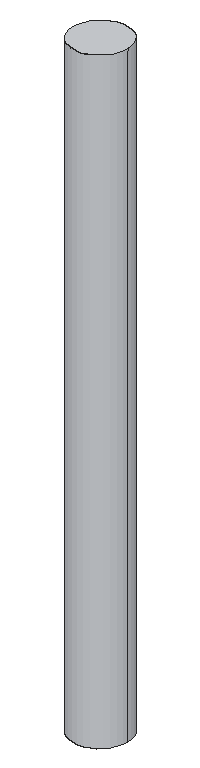
Revit family "Gewindestift VA", category HLS-Bauteile, Revit 2017
Family settings
  Bemaßung runder Anschluss = Durchmesser verwenden
  Teiletyp = Normal
  Arbeitsebenenbasiert = Nein
  Immer vertikal = Nein
  Beim Laden mit Abzugskörper schneiden = Nein
  Gemeinsam genutzt = Ja
  Raumberechnungspunkt = Nein
Parameters (values of type "Gewindestift M12x110 V4A")
  vpe = "50 St"
  Regelhalter [instance] = ""
  Mengeneinheit = "St"
  Material = "Edelstahl"
  L = 110 mm
  Kurztext2 = "M12 x 110 mm"
  Kurztext1 = "Gewindestift DIN 976-1 V4A"
  Gewicht pro Bauteil = Gewicht  # 0.0822 kg
  Gewicht = 0.0822 kg
  Firma = "MEFA Befestigungs- und Montagesysteme GmbH"
  Fabrikat = "MEFA"
  EAN = "4250928416940"
  D = 9.9 mm
  Artikelnummer = "0734610"
Types (12, lengths in mm): name | vpe | L | Kurztext2 | Kurztext1 | Gewicht pro Bauteil | Gewicht | EAN | D | Artikelnummer
  (no name) | "50 St" | 110 | "M12 x 110 mm" | "Gewindestift DIN 976-1 V4A" | 0.0822 kg | 0.0822 kg | "4250928416940" | 9.9 | "0734610"
  Gewindestift M 8x 30 V2A | "100 St" | 30 | "M8 x 30 mm" | "Gewindestift DIN 976-1 V2A" | 0.0098 kg | 0.0098 kg | "4250928416834" | 6.5 | "0732130"
  Gewindestift M 8x 50 V2A | "100 St" | 50 | "M8 x 50 mm" | "Gewindestift DIN 976-1 V2A" | 0.0165 kg | 0.0165 kg | "4250928416841" | 6.5 | "0732150"
  Gewindestift M 8x 70 V2A | "100 St" | 70 | "M8 x 70 mm" | "Gewindestift DIN 976-1 V2A" | 0.0232 kg | 0.0232 kg | "4250928416858" | 6.5 | "0732170"
  Gewindestift M 8x110 V2A | "100 St" | 110 | "M8 x 110 mm" | "Gewindestift DIN 976-1 V2A" | 0.0365 kg | 0.0365 kg | "4250928416865" | 6.5 | "0732210"
  Gewindestift M10x 50 V2A | "100 St" | 50 | "M10 x 50 mm" | "Gewindestift DIN 976-1 V2A" | 0.0258 kg | 0.0258 kg | "4250928416872" | 8.2 | "0732350"
  Gewindestift M10x 70 V2A | "100 St" | 70 | "M10 x 70 mm" | "Gewindestift DIN 976-1 V2A" | 0.0362 kg | 0.0362 kg | "4250928416889" | 8.2 | "0732370"
  Gewindestift M10x110 V2A | "50 St" | 110 | "M10 x 110 mm" | "Gewindestift DIN 976-1 V2A" | 0.057 kg | 0.057 kg | "4250928416896" | 8.2 | "0732410"
  Gewindestift M12x 50 V2A | "50 St" | 50 | "M12 x 50 mm" | "Gewindestift DIN 976-1 V2A" | 0.0372 kg | 0.0372 kg | "4250928416902" | 9.9 | "0732550"
  Gewindestift M12x110 V2A | "50 St" | 110 | "M12 x 110 mm" | "Gewindestift DIN 976-1 V2A" | 0.0822 kg | 0.0822 kg | "4250928416919" | 9.9 | "0732610"
  Gewindestift M12x 50 V4A | "50 St" | 50 | "M12 x 50 mm" | "Gewindestift DIN 976-1 V4A" | 0.0372 kg | 0.0372 kg | "4250928416933" | 9.9 | "0734550"
  Gewindestift M12x110 V4A | "50 St" | 110 | "M12 x 110 mm" | "Gewindestift DIN 976-1 V4A" | 0.0822 kg | 0.0822 kg | "4250928416940" | 9.9 | "0734610"
Reference planes
  plane 1 "Mitte (Vorne/hinten)": y = 0
  plane 2: z = 0
  plane 3 "Mitte (Links/rechts)": x = 0
  plane 4: z = 110
Forms (mm)
  Extrusion 1, solid
    sketch origin (0, 0, 0) x (1, 0, 0) y (0, 1, 0)
      loop
        circle (0, 0) r 4.95
    from 0 to 110
Lines and regions (mm)
  model lines, not visible
    curve 1: line (9.299, 0, 110) -> (-10.701, 0, 110)
    curve 2: line (0, 15.717, 110) -> (0, -4.283, 110)
    curve 3: line (0, 10.717, 0) -> (0, -9.283, 0)
    curve 4: line (6.799, 0, 0) -> (-13.201, 0, 0)
    curve 5: line (0, 0, 177.337) -> (0, 0, -112.663)
Dimensions and locks
  "L": level to plane 4
  "D": diameter of Extrusion 1 sketch curve
  aligned and locked: level to plane 2
  aligned and locked: Extrusion 1 to level
  aligned and locked: Extrusion 1 to curve 1
  aligned and locked: plane 4 to Extrusion 1
  aligned and locked: curve 2 to plane 4
  aligned and locked: curve 3 to level
  aligned and locked: curve 4 to level
  aligned and locked: plane 3 "Mitte (Links/rechts)" to curve 5
  aligned and locked: curve 5 to plane 1 "Mitte (Vorne/hinten)"
Automatic sketch dimensions
  plane 1 "Mitte (Vorne/hinten)" to curve 2 = 4.283 mm
  plane 1 "Mitte (Vorne/hinten)" to curve 3 = 9.283 mm
  curve 3 to plane 1 "Mitte (Vorne/hinten)" = 10.717 mm
  curve 2 to plane 1 "Mitte (Vorne/hinten)" = 15.717 mm
  curve 4 to plane 3 "Mitte (Links/rechts)" = 13.201 mm
  curve 1 to plane 3 "Mitte (Links/rechts)" = 10.701 mm
  plane 3 "Mitte (Links/rechts)" to curve 4 = 6.799 mm
  plane 3 "Mitte (Links/rechts)" to curve 1 = 9.299 mm
  curve 5 to level = 112.663 mm
  plane 4 to curve 5 = 67.337 mm
  plane 1 "Mitte (Vorne/hinten)" to Extrusion 1 sketch curve = 0 mm
  Extrusion 1 sketch curve to plane 3 "Mitte (Links/rechts)" = 0 mm
